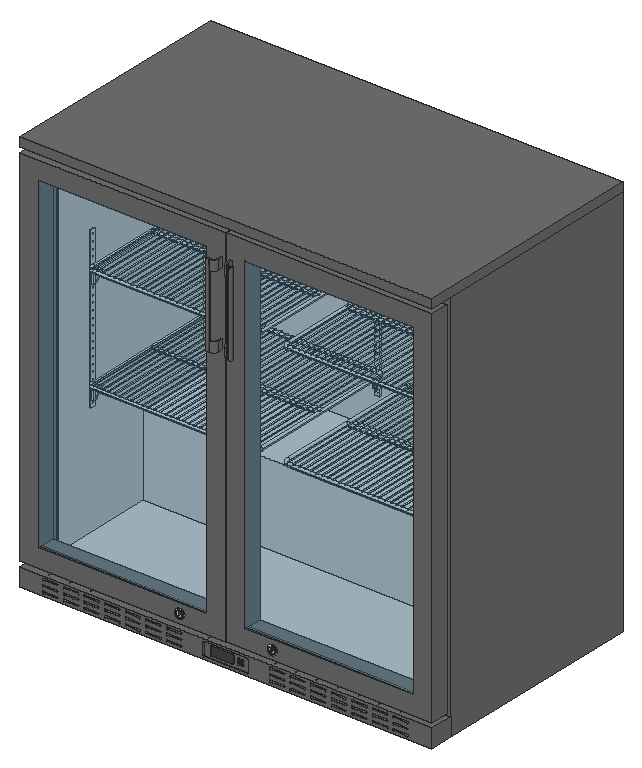
Revit family "QF_KOLDBOX_KBC2_240315011610", category Specialty Equipment, Revit 2021 (continued)
Definition of nested family "QF_KOLDBOX_KBC2_2861"
  Forms (mm)
    Extrusion 75, solid
      sketch origin (571, -45, -0.606) x (1, 0, 0) y (0, 0, 1)
        loop
          line (-77, 411.989) -> (-73, 411.989) -> (-73, 415.989) -> (-77, 415.989) -> (-77, 411.989)
        loop
          line (-77, 426.989) -> (-73, 426.989) -> (-73, 430.989) -> (-77, 430.989) -> (-77, 426.989)
        loop
          line (-77, 441.989) -> (-73, 441.989) -> (-73, 445.989) -> (-77, 445.989) -> (-77, 441.989)
        loop
          line (-77, 456.989) -> (-73, 456.989) -> (-73, 460.989) -> (-77, 460.989) -> (-77, 456.989)
        loop
          line (-77, 471.989) -> (-73, 471.989) -> (-73, 475.989) -> (-77, 475.989) -> (-77, 471.989)
        loop
          line (-77, 486.989) -> (-73, 486.989) -> (-73, 490.989) -> (-77, 490.989) -> (-77, 486.989)
        loop
          line (-77, 501.989) -> (-73, 501.989) -> (-73, 505.989) -> (-77, 505.989) -> (-77, 501.989)
        loop
          line (-77, 516.989) -> (-73, 516.989) -> (-73, 520.989) -> (-77, 520.989) -> (-77, 516.989)
        loop
          line (-77, 531.989) -> (-73, 531.989) -> (-73, 535.989) -> (-77, 535.989) -> (-77, 531.989)
        loop
          line (-77, 546.989) -> (-73, 546.989) -> (-73, 550.989) -> (-77, 550.989) -> (-77, 546.989)
        loop
          line (-77, 561.989) -> (-73, 561.989) -> (-73, 565.989) -> (-77, 565.989) -> (-77, 561.989)
        loop
          line (-77, 576.989) -> (-73, 576.989) -> (-73, 580.989) -> (-77, 580.989) -> (-77, 576.989)
        loop
          line (-77, 591.989) -> (-73, 591.989) -> (-73, 595.989) -> (-77, 595.989) -> (-77, 591.989)
        loop
          line (-77, 606.989) -> (-73, 606.989) -> (-73, 610.989) -> (-77, 610.989) -> (-77, 606.989)
        loop
          line (-77, 621.989) -> (-73, 621.989) -> (-73, 625.989) -> (-77, 625.989) -> (-77, 621.989)
        loop
          line (-77, 636.989) -> (-73, 636.989) -> (-73, 640.989) -> (-77, 640.989) -> (-77, 636.989)
        loop
          line (-77, 651.989) -> (-73, 651.989) -> (-73, 655.989) -> (-77, 655.989) -> (-77, 651.989)
        loop
          line (-77, 666.989) -> (-73, 666.989) -> (-73, 670.989) -> (-77, 670.989) -> (-77, 666.989)
      from 0 to 5
    Extrusion 76, solid
      sketch origin (1759.75, -1663.773, -239.071) x (0, -1, 0) y (0, 0, -1)
        loop
          line (-1608.773, -812.071) -> (-1608.773, -844.071) -> (-1593.825, -844.071) -> (-1608.773, -812.071)
      from -1264.75 to -1262.75
    Extrusion 77, solid
      sketch origin (883.633, -50, -0.606) x (1, 0, 0) y (0, 0, 1)
        loop
          line (-382.633, 605.606) -> (-392.633, 605.606) -> (-392.633, 573.606) -> (-382.633, 573.606) -> (-382.633, 605.606)
      from 0 to 5
    Extrusion 78, solid
      sketch origin (1759.75, -1663.773, -467.071) x (0, -1, 0) y (0, 0, -1)
        loop
          line (-1608.773, -812.071) -> (-1608.773, -844.071) -> (-1593.825, -844.071) -> (-1608.773, -812.071)
      from -1264.75 to -1262.75
    Extrusion 79, solid
      sketch origin (883.633, -50, -228.606) x (1, 0, 0) y (0, 0, 1)
        loop
          line (-382.633, 605.606) -> (-392.633, 605.606) -> (-392.633, 573.606) -> (-382.633, 573.606) -> (-382.633, 605.606)
      from 0 to 5
  Cuts and joins
    joined: Extrusion 1, Extrusion 12
  Lines and regions (mm)
    symbolic lines
      curve 1: line (0, 0, 0) -> (900, 0, 0)
      curve 2: line (0, -520, 0) -> (0, 0, 0)
      curve 3: line (900, -520, 0) -> (0, -520, 0)
      curve 4: line (900, 0, 0) -> (900, -520, 0)
      curve 5: line (0, -480, 0) -> (900, -480, 0)
      curve 6: line (461.5, -530, 0) -> (461.5, -520, 0)
      curve 7: line (458.5, -520, 0) -> (458.5, -530, 0)
      curve 8: arc (458.5, -530, 0) -> (461.607, -537.5, 0) -> (469.107, -540.607, 0) r 10.607
      curve 9: arc (469.107, -537.607, 0) -> (463.728, -535.379, 0) -> (461.5, -530, 0) r 7.607
      curve 10: arc (473.079, -540.607, 0) -> (478.677, -539.107, 0) -> (473.079, -537.607, 0) r 3
      curve 11: line (473.079, -537.607, 0) -> (469.107, -537.607, 0)
      curve 12: line (469.107, -540.607, 0) -> (473.079, -540.607, 0)
      curve 13: line (438.5, -530, 0) -> (438.5, -520, 0)
      curve 14: line (441.5, -520, 0) -> (441.5, -530, 0)
      curve 15: arc (441.5, -530, 0) -> (438.393, -537.5, 0) -> (430.893, -540.607, 0) r 10.607
      curve 16: arc (430.893, -537.607, 0) -> (436.272, -535.379, 0) -> (438.5, -530, 0) r 7.607
      curve 17: arc (426.921, -540.607, 0) -> (421.323, -539.107, 0) -> (426.921, -537.607, 0) r 3
      curve 18: line (426.921, -537.607, 0) -> (430.893, -537.607, 0)
      curve 19: line (430.893, -540.607, 0) -> (426.921, -540.607, 0)
    symbolic lines, visible <- "Show Clearances"
      curve 20: line (900, -969, 0) -> (900, -520, 0)
      curve 21: line (0, -520, 0) -> (0, -969, 0)
      curve 22: arc (0, -969, 0) -> (317.491, -837.491, 0) -> (449, -520, 0) r 449
      curve 23: arc (451, -520, 0) -> (582.509, -837.491, 0) -> (900, -969, 0) r 449
  Dimensions and locks
    plane 3 "Left" to plane 4 "Right" = 900 mm
    plane 5 "Front" to plane 1 "Back" = 520 mm
    plane 6 "Top" to level = 900 mm  (x2)
    plane 1 "Back" to plane 5 "Front" = 520 mm
    plane 4 "Right" to plane 3 "Left" = 900 mm
    aligned and locked: level to plane 2
Definition of nested family "CONN_POINT_ELE_2D___Generic_Annotation"
  Parameters (values of type "CONN_POINT_ELE_2D___Generic_Annotation")
    Onboard connection annotation symbol visibility [instance] = yes
  Reference planes
    plane 1: y = 0
    plane 2: x = 0
  Lines and regions (mm)
    detail lines, visible <- "Onboard connection annotation symbol visibility"
      curve 1: circle (0, 0, 0) r 0.5 normal (0, 0, 1)
      curve 2: line (-1, 0, 0) -> (1, 0, 0)
      curve 3: line (0, 1, 0) -> (0, -1, 0)
      curve 4: line (2.5, 1, 0) -> (1.25, 1, 0)
      curve 5: line (1.25, 1, 0) -> (1.25, -1, 0)
      curve 6: line (1.25, -1, 0) -> (2.5, -1, 0)
      curve 7: line (1.25, 0, 0) -> (2, 0, 0)
